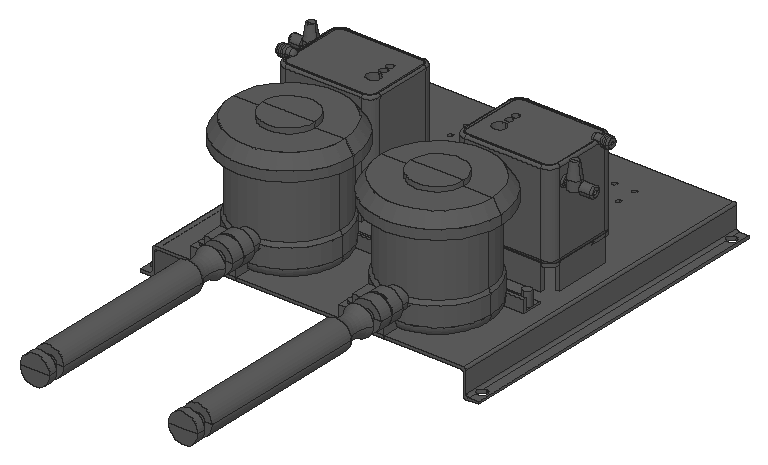
Revit family "Pnuematic_Valve-Acorn-04-M", category Mechanical Equipment, host Face, Revit 2019
Family settings
  Host = Face
  Round Connector Dimension = Use Diameter
  Classification = None
  Part Type = Normal
  OmniClass Number = 23.75.65.14.14.11
  OmniClass Title = Temperature Controls
  Cut with Voids When Loaded = No
  Shared = Yes
  Room Calculation Point = No
Parameters (values of type "-04-M")
  Waste Connection = no
  WFU = 0
  Vent Connection = no
  URL = "https://www.acorneng.com/"
  Type Comments = ""
  Product Page URL = "https://www.acorneng.com/product.aspx?ProductId=2472"
  Product Documentation Link = "https://www.acorneng.com/uploads/fileLibrary/-04-M.pdf"
  Price = "Prices may vary. Please consult Manufacturer Representative for most up-to-date price list."  # constant formula
  Operating Pressure = "Min/Max - 30/100 PSI"
  Model = "-04-M"
  Maximum Temperature = "130º F / 54º C"
  Material = "Metal-Acorn-Brass"
  Manufacturer = "Acorn"
  Installation Type = "Surface Mounted"
  Inlet Diameter Connection = 1/2"
  IAPMO Compliance = "Valve conforms with the leadfree requirements of NSF61, Section 9, 1997; Federal Public Law 111-380 and ADA requirements."
  HWFU = 0
  HW Connection = yes
  Finish = Metal-Acorn-Brass
  Description = "Option: Master-Trol® Plus Hot & Cold Valve"
  Default Elevation = 0"
  Creation Date = "02/21/2023"
  CWFU = 0
  CW Connection = yes
  Assembly Code = "D2090900"
  ADA Compliant = yes
  -BRS Brass Valve Body = no
Reference planes (in)
  plane 1 "Center (Front/Back)": y = 0
  plane 2: z = 0
  plane 3 "Center (Left/Right)": x = 0
  plane 4: x = 4.128
  plane 5: x = -4.128
  plane 6: y = -4.125
  plane 7: y = 4.125
  plane 8: x = -3.37109
  plane 9: x = 3.37109
  plane 10: z = 0.69
  plane 11: x = -3.30859
  plane 12: z = 0.6275
  plane 13: x = 3.30859
  plane 14 "Valve": z = 1.34766
  plane 15: x = 1.8125
  plane 16: x = 1.45313
  plane 17 "Valve 2": y = -2.48047
  plane 18: x = -1.8125
  plane 19: x = -1.45312
  plane 20: y = -10.24609
  plane 21: x = -2.05469
  plane 22: x = -1.56641
  plane 23: y = -0.07031
  plane 24: y = -0.55469
  plane 25: y = 3.23963
  plane 26: y = 2.75525
  plane 27: x = 2.05469
  plane 28: x = 1.56641
  plane 29: x = -3.12109
  plane 30: x = 3.12109
  plane 31: x = -6.875
  plane 32: x = 6.875
  plane 33: z = 3.474
  plane 34: z = 3.595
  plane 35: y = 0.5
  plane 36: y = -0.54688
  plane 37: y = -0.5
  plane 38: y = 0.57812
Forms (in)
  Extrusion 1, solid, material "Metal-Acorn-Brass" <- "Finish"
    sketch origin (0, 0, 0) x (1, 0, 0) y (0, 0, 1)
      loop
        arc (3.83167, 0.6275) -> (3.81336, 0.67169) -> (3.76917, 0.69) r 0.0625
        line (3.76917, 0.69) -> (-3.77217, 0.69)
        arc (-3.77217, 0.69) -> (-3.81636, 0.67169) -> (-3.83467, 0.6275) r 0.0625
        line (-3.83467, 0.6275) -> (-3.83467, 0.125)
        arc (-3.83467, 0.125) -> (-3.85297, 0.08081) -> (-3.89717, 0.0625) r 0.0625
        line (-3.89717, 0.0625) -> (-4.128, 0.0625) -> (-4.128, 0) -> (-3.83467, 0)
        arc (-3.83467, 0) -> (-3.79047, 0.01831) -> (-3.77217, 0.0625) r 0.0625
        line (-3.77217, 0.0625) -> (-3.77217, 0.565)
        arc (-3.77217, 0.565) -> (-3.75386, 0.60919) -> (-3.70967, 0.6275) r 0.0625
        line (-3.70967, 0.6275) -> (3.70667, 0.6275)
        arc (3.70667, 0.6275) -> (3.75086, 0.60919) -> (3.76917, 0.565) r 0.0625
        line (3.76917, 0.565) -> (3.76917, 0.0625)
        arc (3.76917, 0.0625) -> (3.78747, 0.01831) -> (3.83167, 0) r 0.0625
        line (3.83167, 0) -> (4.128, 0) -> (4.128, 0.0625) -> (3.89417, 0.0625)
        arc (3.89417, 0.0625) -> (3.84997, 0.08081) -> (3.83167, 0.125) r 0.0625
        line (3.83167, 0.125) -> (3.83167, 0.6275)
    from -4.125 to 4.125
  Extrusion 2, solid, material "Metal-Acorn-Brass" <- "Finish"
    sketch origin (0, 0, 1.34766) x (0, -1, 0) y (1, 0, 0)
      loop
        line (0.94922, -3.12109) -> (0.94922, -1.26172)
        arc (0.94922, -1.26172) -> (0.876, -1.08494) -> (0.69922, -1.01172) r 0.25
        line (0.69922, -1.01172) -> (-0.69922, -1.01172)
        arc (-0.69922, -1.01172) -> (-0.876, -1.08494) -> (-0.94922, -1.26172) r 0.25
        line (-0.94922, -1.26172) -> (-0.94922, -3.12109)
        arc (-0.94922, -3.12109) -> (-0.876, -3.29787) -> (-0.69922, -3.37109) r 0.25
        line (-0.69922, -3.37109) -> (0.69922, -3.37109)
        arc (0.69922, -3.37109) -> (0.876, -3.29787) -> (0.94922, -3.12109) r 0.25
      loop
        arc (0.94922, 3.12109) -> (0.876, 3.29787) -> (0.69922, 3.37109) r 0.25
        line (0.69922, 3.37109) -> (-0.69922, 3.37109)
        arc (-0.69922, 3.37109) -> (-0.876, 3.29787) -> (-0.94922, 3.12109) r 0.25
        line (-0.94922, 3.12109) -> (-0.94922, 1.26172)
        arc (-0.94922, 1.26172) -> (-0.876, 1.08494) -> (-0.69922, 1.01172) r 0.25
        line (-0.69922, 1.01172) -> (0.69922, 1.01172)
        arc (0.69922, 1.01172) -> (0.876, 1.08494) -> (0.94922, 1.26172) r 0.25
        line (0.94922, 1.26172) -> (0.94922, 3.12109)
    from -0.0625 to 0
  Revolve 3, solid, material "Metal-Acorn-Brass" <- "Finish"
    sketch origin (0, 0, 1.34766) x (0, -1, 0) y (1, 0, 0)
      loop
        line (-0.374, -0.96679) -> (-0.374, -1.96679) -> (0, -1.96679) -> (0, 1.96679) -> (-0.374, 1.96679) -> (-0.374, 0.96679) -> (-0.5, 0.96679) -> (-0.5, 0.88904) -> (-0.32864, 0.88904) -> (-0.32864, -0.31536) -> (-0.32864, -0.88904) -> (-0.5, -0.88904) -> (-0.5, -0.96679) -> (-0.374, -0.96679)
      axis (0, -1.96679) -> (0, 1.96679)
    angle from 0 to 360
  Revolve 4, solid, material "Metal-Acorn-Brass" <- "Finish"
    sketch origin (-0.35938, 0, 1.34766) x (0, -1, 0) y (1, 0, 0)
      loop
        line (-1.1875, 2.17188) -> (-1.1875, 1.8125) -> (-0.9375, 1.8125) -> (-0.9375, 2.00544) -> (0, 2.00544) -> (0.9375, 2.00544) -> (0.9375, 1.8125) -> (1.15208, 1.8125) -> (1.15208, 1.89787) -> (3.99609, 1.89787) -> (3.99609, 1.8125) -> (4.29934, 1.8125) -> (4.19374, 1.9181) -> (4.3381, 1.9181) -> (4.3381, 1.81228) -> (4.64278, 1.81228) -> (4.64278, 2.00544) -> (4.89278, 2.00544) -> (4.89278, 1.8125)
        arc (4.89278, 1.8125) -> (5.23462, 1.92277) -> (5.57645, 1.8125) r 0.58495
        line (5.57645, 1.8125) -> (9.80856, 1.8125) -> (9.80856, 2.00544) -> (10.05856, 2.00544) -> (10.05856, 1.8125) -> (10.24609, 1.8125) -> (10.24609, 2.17188) -> (-1.1875, 2.17188)
      axis (-1.1875, 2.17188) -> (10.24609, 2.17188)
    angle from 0 to 360
  Sweep 5, solid, material "Metal-Acorn-Brass" <- "Finish"
    path in 3D
      loop
        arc (-1.26172, 0.94922, 1.34766) -> (-1.08494, 0.876, 1.34766) -> (-1.01172, 0.69922, 1.34766) r 0.25
        line (-1.01172, 0.69922, 1.34766) -> (-1.01172, -0.69922, 1.34766)
        arc (-1.01172, -0.69922, 1.34766) -> (-1.08494, -0.876, 1.34766) -> (-1.26172, -0.94922, 1.34766) r 0.25
        line (-1.26172, -0.94922, 1.34766) -> (-3.12109, -0.94922, 1.34766)
        arc (-3.12109, -0.94922, 1.34766) -> (-3.29787, -0.876, 1.34766) -> (-3.37109, -0.69922, 1.34766) r 0.25
        line (-3.37109, -0.69922, 1.34766) -> (-3.37109, 0.69922, 1.34766)
        arc (-3.37109, 0.69922, 1.34766) -> (-3.29787, 0.876, 1.34766) -> (-3.12109, 0.94922, 1.34766) r 0.25
        line (-3.12109, 0.94922, 1.34766) -> (-1.26172, 0.94922, 1.34766)
    profile origin (-2.19141, 0.94922, 1.34766) x (0, 1, 0) y (0, 0, 1)
      loop
        line (0, 0.05861) -> (0, 2.06639)
        arc (0, 2.06639) -> (-0.01717, 2.10783) -> (-0.05861, 2.125) r 0.05861
        line (-0.05861, 2.125) -> (-0.09006, 2.125) -> (-0.09006, 0) -> (-0.05861, 0)
        arc (-0.05861, 0) -> (-0.01717, 0.01717) -> (0, 0.05861) r 0.05861
  Extrusion 6, solid, material "Metal-Acorn-Brass" <- "Finish"
    sketch origin (0, 0, 1.34766) x (0, -1, 0) y (1, 0, 0)
      loop
        line (-0.85915, -1.26172) -> (-0.85915, -3.12109)
        arc (-0.85915, -3.12109) -> (-0.81231, -3.23419) -> (-0.69922, -3.28103) r 0.15994
        line (-0.69922, -3.28103) -> (0.69922, -3.28103)
        arc (0.69922, -3.28103) -> (0.81231, -3.23419) -> (0.85915, -3.12109) r 0.15994
        line (0.85915, -3.12109) -> (0.85915, -1.26172)
        arc (0.85915, -1.26172) -> (0.81231, -1.14863) -> (0.69922, -1.10178) r 0.15994
        line (0.69922, -1.10178) -> (-0.69922, -1.10178)
        arc (-0.69922, -1.10178) -> (-0.81231, -1.14863) -> (-0.85915, -1.26172) r 0.15994
      loop
        circle (-0.26569, -1.53815) r 0.08951
      loop
        circle (-0.06741, -1.53815) r 0.08907
      loop
        circle (0.23438, -1.53815) r 0.16422
    from 1.35679 to 2.125
  Extrusion 7, solid, material "Metal-Acorn-Brass" <- "Finish"
    sketch origin (0, 0, 1.34766) x (0, -1, 0) y (1, 0, 0)
      loop
        line (-0.94922, -1.26172) -> (-0.94922, -3.11809) -> (-0.85915, -3.11809) -> (-0.85915, -1.26172) -> (-0.94922, -1.26172)
      loop
        line (-0.69922, -1.10178) -> (0.69922, -1.10178) -> (0.69922, -1.01172) -> (-0.69922, -1.01172) -> (-0.69922, -1.10178)
      loop
        line (0.85915, -1.26172) -> (0.85915, -3.11809) -> (0.94922, -3.11809) -> (0.94922, -1.26172) -> (0.85915, -1.26172)
      loop
        line (0.69922, -3.37109) -> (0.69922, -3.28103) -> (-0.69922, -3.28103) -> (-0.69922, -3.37109) -> (0.69922, -3.37109)
      loop
        line (-0.94922, 1.26172) -> (-0.85915, 1.26172) -> (-0.85915, 3.11809) -> (-0.94922, 3.11809) -> (-0.94922, 1.26172)
      loop
        line (-0.69922, 1.10178) -> (-0.69922, 1.01172) -> (0.69922, 1.01172) -> (0.69922, 1.10178) -> (-0.69922, 1.10178)
      loop
        line (0.85915, 1.26172) -> (0.94922, 1.26172) -> (0.94922, 3.11809) -> (0.85915, 3.11809) -> (0.85915, 1.26172)
      loop
        line (0.69922, 3.37109) -> (-0.69922, 3.37109) -> (-0.69922, 3.28103) -> (0.69922, 3.28103) -> (0.69922, 3.37109)
    from -0.63753 to 0
  Extrusion 8, void
    sketch origin (0, 0, 1.34766) x (0, -1, 0) y (1, 0, 0)
      loop
        circle (-3.81601, -3.97595) r 0.125
      loop
        circle (3.81601, -3.97595) r 0.125
      loop
        circle (-3.81601, 3.97595) r 0.125
      loop
        circle (3.81601, 3.97595) r 0.125
      loop
        circle (-3.23963, -2.05469) r 0.05556
      loop
        circle (-3.23963, -1.56641) r 0.05556
      loop
        circle (-2.75525, -2.05469) r 0.05556
      loop
        circle (-2.75525, -1.56641) r 0.05556
      loop
        circle (0.07031, -2.05469) r 0.05556
      loop
        circle (0.07031, -1.56641) r 0.05556
      loop
        circle (0.55469, -2.05469) r 0.05556
      loop
        circle (0.55469, -1.56641) r 0.05556
      loop
        circle (-3.23963, 2.05469) r 0.05556
      loop
        circle (-3.23963, 1.56641) r 0.05556
      loop
        circle (-2.75525, 2.05469) r 0.05556
      loop
        circle (-2.75525, 1.56641) r 0.05556
      loop
        circle (0.07031, 2.05469) r 0.05556
      loop
        circle (0.07031, 1.56641) r 0.05556
      loop
        circle (0.55469, 2.05469) r 0.05556
      loop
        circle (0.55469, 1.56641) r 0.05556
    from -1.34766 to -0.34089
  Revolve 9, solid, material "Metal-Acorn-Brass" <- "Finish"
    sketch origin (0, -2.48047, 0) x (1, 0, 0) y (0, 0, 1)
      loop
        line (-1.8125, 3.595) -> (-2.452, 3.595) -> (-2.452, 3.474) -> (-3.17628, 3.474) -> (-3.38438, 3.17682) -> (-3.38438, 2.93927) -> (-3.06096, 2.93927) -> (-3.06096, 1.44393) -> (-3.11875, 1.34766) -> (-3.11875, 0.87891)
        arc (-3.11875, 0.87891) -> (-3.04553, 0.70213) -> (-2.86875, 0.62891) r 0.25
        line (-2.86875, 0.62891) -> (-1.8125, 0.62891) -> (-1.8125, 3.595)
      axis (-1.8125, 3.595) -> (-1.8125, 0.62891)
    angle from 0 to 360
  Extrusion 10, solid, material "Metal-Acorn-Brass" <- "Finish"
    sketch origin (-3.625, 0, 0) x (0, 1, 0) y (0, 0, 1)
      loop
        line (-1.77348, 0.62891) -> (-1.27848, 0.62891) -> (-1.27848, 0.71013) -> (-1.70928, 0.71013) -> (-1.70928, 0.99031) -> (-1.77348, 0.99031) -> (-1.77348, 0.62891)
    from 1.8125 to 3.375
  Extrusion 11, solid, material "Metal-Acorn-Brass" <- "Finish"
    sketch origin (0, 0, 0) x (-1, 0, 0) y (0, 0, -1)
      loop
        arc (-1.8125, -0.98828) -> (-1.55838, -1.09354) -> (-1.45312, -1.34766) r 0.35938
        line (-1.45312, -1.34766) -> (-1.06038, -1.34766) -> (-1.06038, -0.98828) -> (-0.71612, -0.98828) -> (-0.71612, -0.62891) -> (-1.8125, -0.62891) -> (-1.8125, -0.98828)
      loop
        arc (1.8125, -0.98828) -> (2.06662, -1.09354) -> (2.17187, -1.34766) r 0.35938
        line (2.17187, -1.34766) -> (2.56462, -1.34766) -> (2.56462, -0.98828) -> (2.90888, -0.98828) -> (2.90888, -0.62891) -> (1.8125, -0.62891) -> (1.8125, -0.98828)
    from 3.64644 to 4.125
  Revolve 12, solid, material "Metal-Acorn-Brass" <- "Finish"
    sketch origin (0.35938, 0, 1.34766) x (0, -1, 0) y (-1, 0, 0)
      loop
        line (-1.1875, 2.17188) -> (-1.1875, 1.8125) -> (-0.9375, 1.8125) -> (-0.9375, 2.00544) -> (0, 2.00544) -> (0.9375, 2.00544) -> (0.9375, 1.8125) -> (1.15208, 1.8125) -> (1.15208, 1.89787) -> (3.99609, 1.89787) -> (3.99609, 1.8125) -> (4.29934, 1.8125) -> (4.19374, 1.9181) -> (4.3381, 1.9181) -> (4.3381, 1.81228) -> (4.64278, 1.81228) -> (4.64278, 2.00544) -> (4.89278, 2.00544) -> (4.89278, 1.8125)
        arc (4.89278, 1.8125) -> (5.23462, 1.91953) -> (5.57645, 1.8125) r 0.59939
        line (5.57645, 1.8125) -> (9.80856, 1.8125) -> (9.80856, 2.00544) -> (10.05856, 2.00544) -> (10.05856, 1.8125) -> (10.24609, 1.8125) -> (10.24609, 2.17188) -> (-1.1875, 2.17188)
      axis (-1.1875, 2.17188) -> (10.24609, 2.17188)
    angle from 0 to 360
  Revolve 13, solid, material "Metal-Acorn-Brass" <- "Finish"
    sketch origin (0, 0, 0) x (1, 0, 0) y (0, 0, 1)
      loop
        line (0, 2.1712) -> (0, 0.69) -> (0.33099, 0.69) -> (0.33099, 1.83186) -> (0.47371, 1.83186) -> (0.47371, 2.03712) -> (0.41318, 2.09766) -> (0.41318, 2.1712) -> (0, 2.1712)
      axis (0, 2.1712) -> (0, 0.69)
    angle from 0 to 360
  Sweep 14, solid, material "Metal-Acorn-Brass" <- "Finish"
    path in 3D
      loop
        arc (1.26172, 0.94922, 1.34766) -> (1.08494, 0.876, 1.34766) -> (1.01172, 0.69922, 1.34766) r 0.25
        line (1.01172, 0.69922, 1.34766) -> (1.01172, -0.69922, 1.34766)
        arc (1.01172, -0.69922, 1.34766) -> (1.08494, -0.876, 1.34766) -> (1.26172, -0.94922, 1.34766) r 0.25
        line (1.26172, -0.94922, 1.34766) -> (3.12109, -0.94922, 1.34766)
        arc (3.12109, -0.94922, 1.34766) -> (3.29787, -0.876, 1.34766) -> (3.37109, -0.69922, 1.34766) r 0.25
        line (3.37109, -0.69922, 1.34766) -> (3.37109, 0.69922, 1.34766)
        arc (3.37109, 0.69922, 1.34766) -> (3.29787, 0.876, 1.34766) -> (3.12109, 0.94922, 1.34766) r 0.25
        line (3.12109, 0.94922, 1.34766) -> (1.26172, 0.94922, 1.34766)
    profile origin (2.19141, 0.94922, 1.34766) x (0, -1, 0) y (0, 0, 1)
      loop
        arc (0, 0.05861) -> (0.01717, 0.01717) -> (0.05861, 0) r 0.05861
        line (0.05861, 0) -> (0.09006, 0) -> (0.09006, 2.125) -> (0.05861, 2.125)
        arc (0.05861, 2.125) -> (0.01717, 2.10783) -> (0, 2.06639) r 0.05861
        line (0, 2.06639) -> (0, 0.05861)
  Extrusion 15, solid, material "Metal-Acorn-Brass" <- "Finish"
    sketch origin (0, 0, 1.34766) x (0, -1, 0) y (1, 0, 0)
      loop
        arc (-0.85915, 1.26172) -> (-0.81231, 1.14863) -> (-0.69922, 1.10178) r 0.15994
        line (-0.69922, 1.10178) -> (0.69922, 1.10178)
        arc (0.69922, 1.10178) -> (0.81231, 1.14863) -> (0.85915, 1.26172) r 0.15994
        line (0.85915, 1.26172) -> (0.85915, 3.12109)
        arc (0.85915, 3.12109) -> (0.81231, 3.23419) -> (0.69922, 3.28103) r 0.15994
        line (0.69922, 3.28103) -> (-0.69922, 3.28103)
        arc (-0.69922, 3.28103) -> (-0.81231, 3.23419) -> (-0.85915, 3.12109) r 0.15994
        line (-0.85915, 3.12109) -> (-0.85915, 1.26172)
      loop
        circle (-0.26569, 1.53815) r 0.08951
      loop
        circle (-0.06741, 1.53815) r 0.08907
      loop
        circle (0.23438, 1.53815) r 0.16422
    from 1.35679 to 2.125
  Revolve 16, solid, material "Metal-Acorn-Brass" <- "Finish"
    sketch origin (0, 0, 3.06641) x (0, -1, 0) y (1, 0, 0)
      loop
        line (-0.5, -3.28103) -> (-0.63102, -3.28103) -> (-0.63102, -3.38252)
        arc (-0.63102, -3.38252) -> (-0.62187, -3.40462) -> (-0.59977, -3.41377) r 0.03125
        line (-0.59977, -3.41377) -> (-0.56766, -3.41377) -> (-0.56766, -3.83507) -> (-0.63102, -3.83507) -> (-0.63102, -4.09675)
        arc (-0.63102, -4.09675) -> (-0.62187, -4.11885) -> (-0.59977, -4.128) r 0.03125
        line (-0.59977, -4.128) -> (-0.56766, -4.128) -> (-0.56766, -3.96591) -> (-0.5, -3.96591) -> (-0.5, -3.28103)
      axis (-0.5, -3.28103) -> (-0.5, -4.128)
    angle from 0 to 360
  Revolve 17, solid, material "Metal-Acorn-Brass" <- "Finish"
    sketch origin (0, -1.04688, 3.06641) x (0, -1, 0) y (-1, 0, 0)
      loop
        line (-0.5, -3.28103) -> (-0.63102, -3.28103) -> (-0.63102, -3.38252)
        arc (-0.63102, -3.38252) -> (-0.62187, -3.40462) -> (-0.59977, -3.41377) r 0.03125
        line (-0.59977, -3.41377) -> (-0.56766, -3.41377) -> (-0.56766, -3.83507) -> (-0.63102, -3.83507) -> (-0.63102, -4.09675)
        arc (-0.63102, -4.09675) -> (-0.62187, -4.11885) -> (-0.59977, -4.128) r 0.03125
        line (-0.59977, -4.128) -> (-0.56551, -4.128) -> (-0.56551, -3.96591) -> (-0.5, -3.96591) -> (-0.5, -3.28103)
      axis (-0.5, -3.28103) -> (-0.5, -4.128)
    angle from 0 to 360
  Revolve 18, solid, material "Metal-Acorn-Brass" <- "Finish"
    sketch origin (3.62455, -0.54529, 1.71875) x (-1, 0, 0) y (0, 0, -1)
      loop
        line (0, -1.87625) -> (0.09674, -1.87625) -> (0.15636, -1.49992) -> (0.15636, -1.26267) -> (0, -1.26267) -> (0, -1.87625)
      axis (0, -1.87625) -> (0, -1.26267)
    angle from 0 to 360
  Revolve 19, solid, material "Metal-Acorn-Brass" <- "Finish"
    sketch origin (0, 0, 3.47266) x (0, 1, 0) y (1, 0, 0)
      loop
        arc (-0.5, -3.23415) -> (-0.56318, -3.25009) -> (-0.59977, -3.30401) r 0.09158
        line (-0.59977, -3.30401) -> (-0.59977, -3.43398) -> (-0.63102, -3.45586) -> (-0.59977, -3.47774) -> (-0.63102, -3.49962) -> (-0.59977, -3.52151) -> (-0.63102, -3.54339) -> (-0.59977, -3.56527) -> (-0.63102, -3.58715) -> (-0.59977, -3.60903) -> (-0.59977, -3.64028) -> (-0.54988, -3.64028) -> (-0.54988, -3.43398) -> (-0.5, -3.43398) -> (-0.5, -3.23415)
      axis (-0.5, -3.23415) -> (-0.5, -3.64028)
    angle from 0 to 360
  Revolve 20, solid, material "Metal-Acorn-Brass" <- "Finish"
    sketch origin (0, 1.07812, 3.47266) x (0, 1, 0) y (-1, 0, 0)
      loop
        arc (-0.5, -3.17947) -> (-0.56937, -3.20291) -> (-0.59977, -3.26953) r 0.09219
        line (-0.59977, -3.26953) -> (-0.59977, -3.43398) -> (-0.63102, -3.45586) -> (-0.59977, -3.47774) -> (-0.63102, -3.49962) -> (-0.59977, -3.52151) -> (-0.63102, -3.54339) -> (-0.59977, -3.56527) -> (-0.63102, -3.58715) -> (-0.59977, -3.60903) -> (-0.59977, -3.64028) -> (-0.54988, -3.64028) -> (-0.54988, -3.43398) -> (-0.5, -3.43398) -> (-0.5, -3.17947)
      axis (-0.5, -3.17947) -> (-0.5, -3.64028)
    angle from 0 to 360
  Revolve 21, solid, material "Metal-Acorn-Brass" <- "Finish"
    sketch origin (-3.6612, 0.50417, 1.71875) x (1, 0, 0) y (0, 0, 1)
      loop
        line (0, 1.87625) -> (0, 1.26267) -> (0.15636, 1.26267) -> (0.15636, 1.49992) -> (0.09674, 1.87625) -> (0, 1.87625)
      axis (0, 1.87625) -> (0, 1.26267)
    angle from 0 to 360
  Extrusion 22, solid, material "Metal-Acorn-Brass" <- "Finish"
    sketch origin (0, 0, 1.34766) x (0, -1, 0) y (1, 0, 0)
      loop
        line (0.03125, -0.88904) -> (0.03125, 0.88904) -> (-0.03125, 0.88904) -> (-0.03125, -0.88904) -> (0.03125, -0.88904)
    from -0.65766 to 0.48421
  Extrusion 23, solid, material "Metal-Acorn-Brass" <- "Finish"
    sketch origin (0, 0, 1.34766) x (0, -1, 0) y (1, 0, 0)
      loop
        circle (1.48942, -0.41702) r 0.10586
      loop
        circle (1.48942, 3.20798) r 0.10586
      loop
        circle (3.88907, -2.74765) r 0.10586
      loop
        circle (3.88907, 0.87735) r 0.10586
    from -0.65766 to -0.31404
  Extrusion 24, solid, material "Metal-Acorn-Brass" <- "Finish"
    sketch origin (-0.02579, 0, 0) x (0, 1, 0) y (0, 0, 1)
      loop
        line (-1.77348, 0.62891) -> (-1.27848, 0.62891) -> (-1.27848, 0.71013) -> (-1.70928, 0.71013) -> (-1.70928, 0.99031) -> (-1.77348, 0.99031) -> (-1.77348, 0.62891)
    from 1.8125 to 3.375
  Revolve 25, solid, material "Metal-Acorn-Brass" <- "Finish"
    sketch origin (0, -2.48047, 0) x (-1, 0, 0) y (0, 0, 1)
      loop
        line (-1.8125, 3.595) -> (-2.452, 3.595) -> (-2.452, 3.474) -> (-3.17628, 3.474) -> (-3.38437, 3.17682) -> (-3.38437, 2.93927) -> (-3.06096, 2.93927) -> (-3.06096, 1.44393) -> (-3.11875, 1.34766) -> (-3.11875, 0.87891)
        arc (-3.11875, 0.87891) -> (-3.04553, 0.70213) -> (-2.86875, 0.62891) r 0.25
        line (-2.86875, 0.62891) -> (-1.8125, 0.62891) -> (-1.8125, 3.595)
      axis (-1.8125, 3.595) -> (-1.8125, 0.62891)
    angle from 0 to 360
Cuts and joins
  Extrusion 8 cuts Extrusion 1
  joined: Extrusion 1, Extrusion 23
  joined: Revolve 17, Revolve 18
  joined: Sweep 14, Revolve 20
  joined: Sweep 5, Revolve 19
  joined: Revolve 16, Revolve 21
  joined: Revolve 3, Revolve 13, Extrusion 22
Lines and regions (in)
  sketch lines
    curve 1: line (-3.12109, 0.94922, 1.34766) -> (-1.26172, 0.94922, 1.34766)
    curve 2: arc (-1.01172, 0.69922, 1.34766) -> (-1.08494, 0.876, 1.34766) -> (-1.26172, 0.94922, 1.34766) r 0.25
    curve 3: line (-1.01172, 0.69922, 1.34766) -> (-1.01172, -0.69922, 1.34766)
    curve 4: arc (-1.26172, -0.94922, 1.34766) -> (-1.08494, -0.876, 1.34766) -> (-1.01172, -0.69922, 1.34766) r 0.25
    curve 5: line (-1.26172, -0.94922, 1.34766) -> (-3.12109, -0.94922, 1.34766)
    curve 6: arc (-3.37109, -0.69922, 1.34766) -> (-3.29787, -0.876, 1.34766) -> (-3.12109, -0.94922, 1.34766) r 0.25
    curve 7: line (-3.37109, -0.69922, 1.34766) -> (-3.37109, 0.69922, 1.34766)
    curve 8: arc (-3.12109, 0.94922, 1.34766) -> (-3.29787, 0.876, 1.34766) -> (-3.37109, 0.69922, 1.34766) r 0.25
    curve 9: line (3.12109, 0.94922, 1.34766) -> (1.26172, 0.94922, 1.34766)
    curve 10: arc (1.01172, 0.69922, 1.34766) -> (1.08494, 0.876, 1.34766) -> (1.26172, 0.94922, 1.34766) r 0.25
    curve 11: line (1.01172, 0.69922, 1.34766) -> (1.01172, -0.69922, 1.34766)
    curve 12: arc (1.26172, -0.94922, 1.34766) -> (1.08494, -0.876, 1.34766) -> (1.01172, -0.69922, 1.34766) r 0.25
    curve 13: line (1.26172, -0.94922, 1.34766) -> (3.12109, -0.94922, 1.34766)
    curve 14: arc (3.37109, -0.69922, 1.34766) -> (3.29787, -0.876, 1.34766) -> (3.12109, -0.94922, 1.34766) r 0.25
    curve 15: line (3.37109, -0.69922, 1.34766) -> (3.37109, 0.69922, 1.34766)
    curve 16: arc (3.12109, 0.94922, 1.34766) -> (3.29787, 0.876, 1.34766) -> (3.37109, 0.69922, 1.34766) r 0.25
Dimensions and locks (in)
  plane 6 to plane 7 = 8 1/4"
  Revolve 4 sketch curve to Revolve 4 sketch curve = 6 1/4"
  Revolve 12 sketch curve to Revolve 12 sketch curve = 6 1/4"
  Revolve 4 to Revolve 4 = 6 1/4"
  plane 20 to plane 7 = 14 95/256"
  plane 10 to host face = 0.69"
  equal spacing: plane 5, plane 3 "Center (Left/Right)", plane 4
  plane 3 "Center (Left/Right)" to plane 4 = 4.128"
  plane 33 to host face = 3.474"
  plane 34 to host face = 3.595"
  aligned and locked: plane 2 to host face
  aligned and locked: level to host face
  aligned and locked: Extrusion 1 to plane 7
  aligned and locked: plane 6 to Extrusion 1
  aligned and locked: plane 25 to Extrusion 8 sketch curve
  aligned and locked: plane 21 to Extrusion 8 sketch curve
Automatic sketch dimensions
  host sketch curve to host sketch curve = 96"  (x2)
  Extrusion 1 sketch curve to level = 0"  (x2)
  Extrusion 1 sketch curve to plane 5 = 0"
  Extrusion 1 sketch curve to plane 12 = 0"  (x3)
  Extrusion 1 sketch curve to plane 10 = 0"
  Extrusion 1 sketch curve to plane 4 = 0"
  level to Extrusion 1 sketch curve = 1/16"  (x4)
  plane 5 to Extrusion 1 sketch curve = 0.23083"
  Extrusion 1 sketch curve to Extrusion 1 sketch curve = 1/16"  (x5)
  plane 12 to Extrusion 1 sketch curve = 1/16"
  plane 9 to Extrusion 1 sketch curve = 0.33557"
  Extrusion 2 sketch curve to plane 29 = 0"  (x2)
  Extrusion 2 sketch curve to plane 30 = 0"  (x2)
  Extrusion 2 sketch curve to plane 9 = 0"
  Extrusion 2 sketch curve to plane 8 = 0"
  Extrusion 2 sketch curve to plane 1 "Center (Front/Back)" = 243/256"  (x2)
  Extrusion 2 sketch curve to Extrusion 2 sketch curve = 1/4"  (x2)
  plane 1 "Center (Front/Back)" to Extrusion 2 sketch curve = 179/256"  (x4)
  Extrusion 2 sketch curve to plane 3 "Center (Left/Right)" = 1 67/256"
  plane 3 "Center (Left/Right)" to Extrusion 2 sketch curve = 1 3/256"
  plane 1 "Center (Front/Back)" to Revolve 3 sketch curve = 0"  (x2)
  Revolve 3 sketch curve to plane 1 "Center (Front/Back)" = 0.32864"
  Revolve 3 sketch curve to plane 1 "Center (Front/Back)" = 0.374"
  Revolve 3 sketch curve to Revolve 3 sketch curve = 0.04537"
  Revolve 3 sketch curve to Revolve 3 sketch curve = 0.126"  (x2)
  plane 29 to Revolve 3 sketch curve = 1.1543"
  Revolve 3 sketch curve to plane 3 "Center (Left/Right)" = 0.96679"
  Revolve 3 sketch curve to Revolve 3 sketch curve = 0.07776"  (x2)
  Revolve 3 sketch curve to plane 3 "Center (Left/Right)" = 0.31536"
  plane 3 "Center (Left/Right)" to Revolve 3 sketch curve = 0.88904"
  Revolve 3 sketch curve to Revolve 3 sketch curve = 1"
  Revolve 3 sketch curve to Revolve 3 sketch curve = 0.23574"
  plane 3 "Center (Left/Right)" to Revolve 3 sketch curve = 0.3467"
  Sweep 5 sketch curve to profile plane = 0"  (x2)
  Sweep 5 sketch curve to Sweep 5 sketch curve = 0.05861"
  profile plane to Sweep 5 sketch curve = 0.05861"
  Sweep 5 sketch curve to Sweep 5 sketch curve = 0.03145"
  Sweep 5 sketch curve to Sweep 5 sketch curve = 2.00777"
  Extrusion 6 sketch curve to plane 29 = 0"  (x2)
  plane 1 "Center (Front/Back)" to Extrusion 6 sketch curve = 0.85915"
  Extrusion 6 sketch curve to Extrusion 6 sketch curve = 0.15994"  (x2)
  Extrusion 6 sketch curve to plane 8 = 0.09006"
  plane 1 "Center (Front/Back)" to Extrusion 6 sketch curve = 0.26569"
  plane 1 "Center (Front/Back)" to Extrusion 6 sketch curve = 0.06741"
  Extrusion 6 sketch curve to plane 1 "Center (Front/Back)" = 15/64"
  Extrusion 6 sketch curve to plane 1 "Center (Front/Back)" = 179/256"
  plane 3 "Center (Left/Right)" to Extrusion 6 sketch curve = 1.53815"
  Extrusion 6 sketch curve to Extrusion 6 sketch curve = 0"  (x2)
  Extrusion 6 sketch curve to Extrusion 6 sketch curve = 0.27643"
  Extrusion 7 sketch curve to plane 9 = 0"
  Extrusion 7 sketch curve to plane 8 = 0"
  Extrusion 7 sketch curve to plane 1 "Center (Front/Back)" = 243/256"  (x2)
  Extrusion 7 sketch curve to plane 30 = 0.003"  (x2)
  Extrusion 7 sketch curve to Extrusion 7 sketch curve = 0.09006"  (x6)
  Extrusion 7 sketch curve to Extrusion 7 sketch curve = 0.15994"  (x9)
  plane 1 "Center (Front/Back)" to Extrusion 7 sketch curve = 179/256"  (x4)
  Extrusion 7 sketch curve to plane 9 = 0.09006"
  plane 29 to Extrusion 7 sketch curve = 0.003"  (x2)
  plane 8 to Extrusion 7 sketch curve = 0.09006"
  Extrusion 7 sketch curve to plane 3 "Center (Left/Right)" = 1 67/256"  (x2)
  plane 3 "Center (Left/Right)" to Extrusion 7 sketch curve = 1 3/256"
  plane 25 to Extrusion 8 sketch curve = 0"  (x3)
  Extrusion 8 sketch curve to plane 22 = 0"  (x4)
  plane 26 to Extrusion 8 sketch curve = 0"  (x4)
  Extrusion 8 sketch curve to plane 21 = 0"  (x3)
  plane 23 to Extrusion 8 sketch curve = 0"  (x4)
  plane 24 to Extrusion 8 sketch curve = 0"  (x4)
  Extrusion 8 sketch curve to plane 28 = 0"  (x4)
  Extrusion 8 sketch curve to plane 27 = 0"  (x4)
  plane 5 to Extrusion 8 sketch curve = 0.15205"  (x2)
  plane 7 to Extrusion 8 sketch curve = 0.30899"  (x2)
  Extrusion 8 sketch curve to plane 4 = 0.15205"  (x2)
  Extrusion 8 sketch curve to plane 6 = 0.30899"  (x2)
  Revolve 9 sketch curve to plane 33 = 0"
  Revolve 9 sketch curve to plane 14 "Valve" = 0"
  Revolve 9 sketch curve to plane 34 = 0"  (x2)
  Revolve 9 sketch curve to plane 8 = 0.01328"
  Revolve 9 sketch curve to plane 29 = 0.05519"
  plane 29 to Revolve 9 sketch curve = 0.00234"
  plane 29 to Revolve 9 sketch curve = 0.06013"
  plane 10 to Revolve 9 sketch curve = 0.06109"
  plane 29 to Revolve 9 sketch curve = 0.25234"
  plane 29 to Revolve 9 sketch curve = 0.6691"
  Revolve 9 sketch curve to Revolve 9 sketch curve = 1.05625"
  Revolve 9 sketch curve to plane 14 "Valve" = 0.09628"
  plane 33 to Revolve 9 sketch curve = 0.53473"
  Revolve 9 sketch curve to Revolve 9 sketch curve = 0.23754"
  Revolve 9 sketch curve to Revolve 9 sketch curve = 0"
  plane 33 to Revolve 9 sketch curve = 0.28501"
  plane 10 to Extrusion 10 sketch curve = 0.06109"
  Extrusion 10 sketch curve to plane 17 "Valve 2" = 0.70699"
  Extrusion 10 sketch curve to plane 10 = 0.02013"
  Extrusion 10 sketch curve to Extrusion 10 sketch curve = 0.0642"
  Extrusion 10 sketch curve to Extrusion 10 sketch curve = 0.43081"
  Extrusion 10 sketch curve to Extrusion 10 sketch curve = 0.28019"
  Extrusion 11 sketch curve to plane 14 "Valve" = 0"  (x2)
  plane 10 to Extrusion 11 sketch curve = 0.29828"  (x3)
  plane 30 to Extrusion 11 sketch curve = 1 79/256"
  Extrusion 11 sketch curve to Extrusion 11 sketch curve = 0.39275"  (x2)
  Extrusion 11 sketch curve to Extrusion 11 sketch curve = 0.34426"
  Extrusion 11 sketch curve to plane 10 = 0.06109"  (x2)
  Extrusion 11 sketch curve to plane 29 = 1 79/256"
  Extrusion 11 sketch curve to Extrusion 11 sketch curve = 23/64"
  Extrusion 11 sketch curve to plane 29 = 0.21221"
  Revolve 13 sketch curve to plane 3 "Center (Left/Right)" = 0"  (x2)
  Revolve 13 sketch curve to plane 10 = 0"
  plane 3 "Center (Left/Right)" to Revolve 13 sketch curve = 0.33099"
  Revolve 13 sketch curve to Revolve 13 sketch curve = 0.08219"
  Revolve 13 sketch curve to Revolve 13 sketch curve = 0.14272"
  Revolve 13 sketch curve to plane 14 "Valve" = 0.48421"
  Revolve 13 sketch curve to Revolve 13 sketch curve = 0.20526"
  Revolve 13 sketch curve to Revolve 13 sketch curve = 0.06053"
  Revolve 13 sketch curve to Revolve 13 sketch curve = 0.07354"
  Revolve 13 sketch curve to Revolve 13 sketch curve = 9/128"
  Revolve 13 sketch curve to Revolve 13 sketch curve = 0.04143"
  Sweep 14 sketch curve to profile plane = 0"  (x2)
  Sweep 14 sketch curve to profile plane = 0.05861"  (x2)
  Sweep 14 sketch curve to Sweep 14 sketch curve = 0.03145"
  Sweep 14 sketch curve to Sweep 14 sketch curve = 2.00777"
  Extrusion 15 sketch curve to plane 30 = 0"  (x2)
  Extrusion 15 sketch curve to plane 1 "Center (Front/Back)" = 0.85915"
  Extrusion 15 sketch curve to Extrusion 15 sketch curve = 0.15994"  (x2)
  Extrusion 15 sketch curve to plane 9 = 0.09006"
  Extrusion 15 sketch curve to plane 1 "Center (Front/Back)" = 0.26569"
  Extrusion 15 sketch curve to plane 1 "Center (Front/Back)" = 0.06741"
  plane 1 "Center (Front/Back)" to Extrusion 15 sketch curve = 15/64"
  plane 1 "Center (Front/Back)" to Extrusion 15 sketch curve = 179/256"
  plane 3 "Center (Left/Right)" to Extrusion 15 sketch curve = 1.53815"
  Extrusion 15 sketch curve to Extrusion 15 sketch curve = 0"  (x2)
  Extrusion 15 sketch curve to Extrusion 15 sketch curve = 0.27643"
  Revolve 16 sketch curve to plane 5 = 0"
  plane 35 to Revolve 16 sketch curve = 0"  (x2)
  Revolve 16 sketch curve to plane 35 = 0.06766"  (x2)
  Revolve 16 sketch curve to Revolve 16 sketch curve = 0.03211"  (x2)
  Revolve 16 sketch curve to plane 8 = 0.01143"
  Revolve 16 sketch curve to Revolve 16 sketch curve = 1/32"
  plane 5 to Revolve 16 sketch curve = 1/32"
  Revolve 16 sketch curve to Revolve 16 sketch curve = 0.13084"  (x2)
  plane 8 to Revolve 16 sketch curve = 0.09006"
  Revolve 16 sketch curve to plane 3 "Center (Left/Right)" = 0.21808"
  plane 3 "Center (Left/Right)" to Revolve 16 sketch curve = 0.35354"
  Revolve 17 sketch curve to plane 4 = 0"
  plane 36 to Revolve 17 sketch curve = 0"  (x2)
  plane 36 to Revolve 17 sketch curve = 0.06551"
  plane 36 to Revolve 17 sketch curve = 0.06766"
  Revolve 17 sketch curve to Revolve 17 sketch curve = 0.03426"
  Revolve 17 sketch curve to Revolve 17 sketch curve = 0.03211"
  Revolve 17 sketch curve to plane 9 = 0.01143"
  Revolve 17 sketch curve to Revolve 17 sketch curve = 1/32"
  plane 4 to Revolve 17 sketch curve = 1/32"
  plane 4 to Revolve 17 sketch curve = 0.16209"
  Revolve 17 sketch curve to Revolve 17 sketch curve = 0.13084"
  plane 9 to Revolve 17 sketch curve = 0.09006"
  Revolve 17 sketch curve to plane 3 "Center (Left/Right)" = 0.21808"
  plane 3 "Center (Left/Right)" to Revolve 17 sketch curve = 0.35354"
  Revolve 18 sketch curve to plane 34 = 0"
  plane 9 to Revolve 18 sketch curve = 0.25346"
  Revolve 18 sketch curve to Revolve 18 sketch curve = 0.09674"
  plane 9 to Revolve 18 sketch curve = 0.0971"
  plane 33 to Revolve 18 sketch curve = 0.25533"
  Revolve 18 sketch curve to Revolve 18 sketch curve = 0.23726"
  Revolve 18 sketch curve to Revolve 18 sketch curve = 0.15636"
  Revolve 18 sketch curve to Revolve 18 sketch curve = 0.04921"
  Revolve 18 sketch curve to Revolve 18 sketch curve = 0.13131"
  Revolve 19 sketch curve to plane 37 = 0"  (x2)
  plane 37 to Revolve 19 sketch curve = 0.01065"
  Revolve 19 sketch curve to Revolve 19 sketch curve = 0.04988"  (x2)
  Revolve 19 sketch curve to Revolve 19 sketch curve = 0.08911"
  Revolve 19 sketch curve to Revolve 19 sketch curve = 0"  (x3)
  Revolve 19 sketch curve to Revolve 19 sketch curve = 1/32"  (x5)
  plane 8 to Revolve 19 sketch curve = 0.26919"
  Revolve 19 sketch curve to Revolve 19 sketch curve = 0.02188"  (x8)
  plane 8 to Revolve 19 sketch curve = 0.06289"
  Revolve 19 sketch curve to plane 8 = 0.04598"
  Revolve 19 sketch curve to plane 8 = 0.06708"
  plane 3 "Center (Left/Right)" to Revolve 19 sketch curve = 0.21808"
  Revolve 19 sketch curve to plane 3 "Center (Left/Right)" = 0.35354"
  Revolve 20 sketch curve to plane 38 = 0"  (x2)
  Revolve 20 sketch curve to plane 38 = 0.00759"
  Revolve 20 sketch curve to plane 38 = 0.04988"
  Revolve 20 sketch curve to Revolve 20 sketch curve = 0.09218"
  Revolve 20 sketch curve to Revolve 20 sketch curve = 0"  (x3)
  Revolve 20 sketch curve to Revolve 20 sketch curve = 0.04988"
  Revolve 20 sketch curve to Revolve 20 sketch curve = 1/32"  (x5)
  plane 9 to Revolve 20 sketch curve = 0.26919"
  Revolve 20 sketch curve to Revolve 20 sketch curve = 0.02188"  (x8)
  plane 9 to Revolve 20 sketch curve = 0.06289"
  Revolve 20 sketch curve to plane 9 = 0.09975"
  Revolve 20 sketch curve to Revolve 20 sketch curve = 0.00182"
  plane 3 "Center (Left/Right)" to Revolve 20 sketch curve = 0.21808"
  Revolve 20 sketch curve to plane 3 "Center (Left/Right)" = 0.35354"
  Revolve 21 sketch curve to plane 34 = 0"
  Revolve 21 sketch curve to plane 8 = 0.29011"
  Revolve 21 sketch curve to Revolve 21 sketch curve = 0.09674"
  Revolve 21 sketch curve to plane 8 = 0.13375"
  plane 33 to Revolve 21 sketch curve = 0.25533"
  Revolve 21 sketch curve to Revolve 21 sketch curve = 0.23726"
  Revolve 21 sketch curve to Revolve 21 sketch curve = 0.15636"
  Revolve 21 sketch curve to Revolve 21 sketch curve = 0.04921"
  Revolve 21 sketch curve to Revolve 21 sketch curve = 0.13131"
  Extrusion 22 sketch curve to plane 1 "Center (Front/Back)" = 1/32"
  plane 1 "Center (Front/Back)" to Extrusion 22 sketch curve = 1/32"
  Extrusion 22 sketch curve to plane 3 "Center (Left/Right)" = 0.88904"
  plane 3 "Center (Left/Right)" to Extrusion 22 sketch curve = 0.88904"
  plane 30 to Extrusion 23 sketch curve = 0.08688"
  Extrusion 23 sketch curve to plane 17 "Valve 2" = 0.99105"  (x2)
  Extrusion 23 sketch curve to plane 3 "Center (Left/Right)" = 0.41702"
  Extrusion 23 sketch curve to plane 6 = 0.23593"  (x2)
  plane 29 to Extrusion 23 sketch curve = 0.37344"
  plane 3 "Center (Left/Right)" to Extrusion 23 sketch curve = 0.87735"
  plane 10 to Extrusion 24 sketch curve = 0.06109"
  Extrusion 24 sketch curve to plane 17 "Valve 2" = 0.70699"
  Extrusion 24 sketch curve to plane 10 = 0.02013"
  Extrusion 24 sketch curve to Extrusion 24 sketch curve = 0.0642"
  Extrusion 24 sketch curve to Extrusion 24 sketch curve = 0.43081"
  Extrusion 24 sketch curve to Extrusion 24 sketch curve = 0.28019"
  Revolve 25 sketch curve to plane 33 = 0"
  Revolve 25 sketch curve to plane 14 "Valve" = 0"
  Revolve 25 sketch curve to plane 34 = 0"  (x2)
  Revolve 25 sketch curve to plane 9 = 0.01328"
  Revolve 25 sketch curve to plane 30 = 0.05519"
  plane 30 to Revolve 25 sketch curve = 0.00234"
  plane 30 to Revolve 25 sketch curve = 0.06013"
  Revolve 25 sketch curve to plane 10 = 0.06109"
  plane 30 to Revolve 25 sketch curve = 0.25234"
  plane 30 to Revolve 25 sketch curve = 0.6691"
  Revolve 25 sketch curve to Revolve 25 sketch curve = 1.05625"
  plane 14 "Valve" to Revolve 25 sketch curve = 0.09628"
  Revolve 25 sketch curve to plane 33 = 0.53473"
  Revolve 25 sketch curve to Revolve 25 sketch curve = 0.23754"
  Revolve 25 sketch curve to Revolve 25 sketch curve = 0"
  Revolve 25 sketch curve to plane 33 = 0.28501"
  Revolve 12 sketch curve to plane 18 = 0"  (x2)
  Revolve 12 sketch curve to plane 19 = 0"  (x6)
  plane 1 "Center (Front/Back)" to Revolve 12 sketch curve = 0"
  plane 20 to Revolve 12 sketch curve = 0"
  plane 1 "Center (Front/Back)" to Revolve 12 sketch curve = 15/16"
  Revolve 12 sketch curve to Revolve 12 sketch curve = 1/4"  (x2)
  Revolve 12 sketch curve to plane 1 "Center (Front/Back)" = 15/16"
  Revolve 12 sketch curve to plane 19 = 0.08537"
  Revolve 12 sketch curve to Revolve 12 sketch curve = 0.21458"
  Revolve 12 sketch curve to plane 6 = 0.06874"
  Revolve 12 sketch curve to Revolve 12 sketch curve = 0.1056"
  plane 19 to Revolve 12 sketch curve = 0.00022"
  Revolve 12 sketch curve to Revolve 12 sketch curve = 0.03876"
  Revolve 12 sketch curve to Revolve 12 sketch curve = 39/128"
  Revolve 12 sketch curve to Revolve 12 sketch curve = 0.34183"
  plane 18 to Revolve 12 sketch curve = 0.16643"  (x3)
  plane 20 to Revolve 12 sketch curve = 0.43753"
  plane 20 to Revolve 12 sketch curve = 0.18753"
  plane 19 to Revolve 12 sketch curve = 0.49236"
  Revolve 12 sketch curve to plane 19 = 0.1056"
  Revolve 12 sketch curve to Revolve 12 sketch curve = 9/16"
  plane 17 "Valve 2" to Revolve 12 sketch curve = 59/256"
  Revolve 4 sketch curve to plane 15 = 0"  (x2)
  Revolve 4 sketch curve to plane 16 = 0"  (x6)
  plane 1 "Center (Front/Back)" to Revolve 4 sketch curve = 0"
  plane 20 to Revolve 4 sketch curve = 0"
  Revolve 4 sketch curve to plane 1 "Center (Front/Back)" = 15/16"
  Revolve 4 sketch curve to Revolve 4 sketch curve = 1/4"  (x2)
  plane 1 "Center (Front/Back)" to Revolve 4 sketch curve = 15/16"
  plane 16 to Revolve 4 sketch curve = 0.08537"
  Revolve 4 sketch curve to Revolve 4 sketch curve = 0.21458"
  plane 6 to Revolve 4 sketch curve = 0.06874"
  Revolve 4 sketch curve to Revolve 4 sketch curve = 0.1056"
  Revolve 4 sketch curve to plane 16 = 0.00022"
  Revolve 4 sketch curve to Revolve 4 sketch curve = 0.03876"
  Revolve 4 sketch curve to Revolve 4 sketch curve = 39/128"
  Revolve 4 sketch curve to Revolve 4 sketch curve = 0.34183"
  Revolve 4 sketch curve to plane 20 = 0.43753"
  Revolve 4 sketch curve to plane 20 = 0.18753"
  Revolve 4 sketch curve to plane 16 = 0.47468"
  plane 16 to Revolve 4 sketch curve = 0.1056"
  Revolve 4 sketch curve to plane 15 = 0.16643"  (x3)
  Revolve 4 sketch curve to Revolve 4 sketch curve = 9/16"
  Revolve 4 sketch curve to plane 17 "Valve 2" = 59/256"
  radius of Extrusion 6 sketch curve = 0.08951"
  radius of Extrusion 6 sketch curve = 0.08907"
  radius of Extrusion 6 sketch curve = 0.16422"
  radius of Extrusion 8 sketch curve = 1/8"  (x4)
  radius of Extrusion 8 sketch curve = 0.05556"  (x16)
  radius of Extrusion 15 sketch curve = 0.08951"
  radius of Extrusion 15 sketch curve = 0.08907"
  radius of Extrusion 15 sketch curve = 0.16422"
  radius of Extrusion 23 sketch curve = 0.10586"  (x4)
Connectors (in)
  piping at (1.8125, -10.24609, 1.34766), diameter 0.5, driven by "Inlet Diameter Connection"
    settings: on Revolve 4, index 2, connector inside diameter 24", connector length 0", flow factor 0, pipe flow 0 GPM, pressure drop 0.00 psi, fitting loss kfactor 0, connector angle 0.00°, fixture units 0, engagement length 0", angle of deflection 0.00°, flow configuration 0, flow direction 1, fitting loss method 0, system type 20, joint type 0, gender type 0, connector reference index -1, connector utility 0, adjustable connector no, is connector primary yes, connector description "1/2\" CW Inlet Connection"
  piping at (-1.8125, -10.24609, 1.34766), diameter 0.5, driven by "Inlet Diameter Connection"
    settings: on Revolve 12, index 3, connector inside diameter 24", connector length 0", flow factor 0, pipe flow 0 GPM, pressure drop 0.00 psi, fitting loss kfactor 0, connector angle 0.00°, fixture units 0, engagement length 0", angle of deflection 0.00°, flow configuration 0, flow direction 1, fitting loss method 0, system type 19, joint type 0, gender type 0, connector reference index -1, connector utility 0, adjustable connector no, is connector primary no, connector description "1/2\" HW Inlet Connection"
